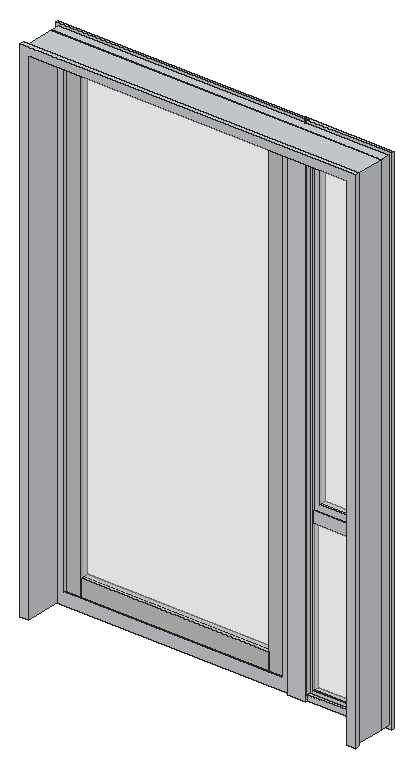
Revit family "APL Residential Thermal Heart Hinged Door with Sidelight", category Doors, host Wall, Revit 2017
Family settings
  Host = Wall
  OmniClass Number = 23.30.10.00
  OmniClass Title = Doors
  Always vertical = Yes
  Cut with Voids When Loaded = No
  Shared = No
  Room Calculation Point = No
Parameters (values of type "Architrave")
  sidelight [instance] = 408 mm
  Sidelight Length [instance] = sidelight - 7.5 mm  # 400.5 mm
  Rough Width = 1615 mm
  Rough Height = 2500 mm
  Reveal Liner = no
  Plan Swing = yes
  Panel [instance] = (Rough Width - sidelight) - 107.5 mm  # 1099.5 mm
  Liner Sill = no
  Liner Head = yes
  Liner End = 10 mm
  Liner = 51 mm
  Jamb Liner 2 = yes
  Jamb Liner 1 = yes
  Groove = 10 mm
  Function = Interior
  Frame Width Sill = 15 mm
  Frame Projection Ext. = 13 mm
  Frame Projection Int. = 20 mm
  Frame Width = 12.5 mm
  Height = Rough Height - 12.5 mm  # 2487.5 mm
  Wall Closure = By host
  Width = Rough Width - 15 mm  # 1600 mm
  Door Length [instance] = 607 mm
  Architrave = yes
  Analytic Construction = "<None>"
  90° Opening [instance] = no
  15° Opening [instance] = yes
Reference planes
  plane 1: y = 0
  plane 2 "Center (Left/Right)": x = -453.5
  plane 3 "Left": x = -1261
  plane 4 "Right": x = 354
  plane 5: z = 2500
  plane 6 "Exterior": y = 100
  plane 7 "Interior": y = -100
  plane 8: x = -54
Forms (mm)
  Extrusion 1, solid, visible <- "Architrave"
    sketch origin (-3050, -100, 0) x (1, 0, 0) y (0, 0, 1)
      loop
        line (1776.5, 0) -> (1789, 0) -> (1789, 2500) -> (3404, 2500) -> (3404, 0) -> (3416.5, 0) -> (3416.5, 2512.5) -> (1776.5, 2512.5) -> (1776.5, 0)
    from 0 to 20
  Extrusion 2, solid
    sketch origin (-47.659, 0, 0) x (1, 0, 0) y (0, 1, 0)
      loop
        line (-1166.295, 88.12) -> (-1077.035, 88.12) -> (-1077.035, 104.268) -> (-1091.228, 118.461) -> (-1166.295, 118.461) -> (-1166.295, 88.12)
    from 44.822 to 2452.956
  Extrusion 3, solid
    sketch origin (0, 0, 0) x (1, 0, 0) y (0, 1, 0)
      loop
        line (-1124.694, 102.961) -> (-1124.694, 78.752) -> (-203.833, 78.752) -> (-203.833, 102.961) -> (-1124.694, 102.961)
    from 141.653 to 2355.433
  Extrusion 4, solid
    sketch origin (-453.5, 0, 0) x (0, 1, 0) y (0, 0, 1)
      loop
        line (118.461, 2452.956) -> (88.461, 2452.956) -> (88.461, 2355.433) -> (103.451, 2355.433) -> (118.461, 2370.442) -> (118.461, 2452.956)
    from -685.387 to 263.86
  Extrusion 5, solid, visible <- "Architrave"
    sketch origin (0, -32.901, 0) x (1, 0, 0) y (0, 0, 1)
      loop
        line (354, 2500) -> (-1261, 2500) -> (-1261, 0) -> (-1232.924, 0) -> (-1232.924, 2471.924) -> (325.924, 2471.924) -> (325.924, 0) -> (354, 0) -> (354, 2500)
    from -87.788 to 87.099
  Sweep 6, solid, visible <- "Reveal Liner"
    path origin (0, -100, 0) x (1, 0, 0) y (0, 0, 1)
      loop
        line (-1261, 0) -> (-1261, 2500) -> (354, 2500) -> (354, 0)
    profile origin (-1261, -100, 1250) x (-1, 0, 0) y (0, -1, 0)
      loop
        line (-9.076, 20) -> (-28.076, 20) -> (-28.076, -154.887) -> (0, -154.887) -> (0, 0.131) -> (-14.642, 0.131) -> (-14.642, 10) -> (-9.076, 10) -> (-9.076, 20)
  Extrusion 7, solid
    sketch origin (0, 100, 0) x (1, 0, 0) y (0, 0, 1)
      loop
        line (354, 2500) -> (-1261, 2500) -> (-1261, 0) -> (354, 0) -> (354, 2500)
      loop
        line (346.5, 2489.799) -> (-1250.8, 2489.799) -> (-1250.8, 7.979) -> (346.5, 7.979) -> (346.5, 2489.799)
    from 0 to 45.113
  Sweep 8, solid
    path origin (0, 100, 0) x (1, 0, 0) y (0, 0, 1)
      loop
        line (-68, 2500) -> (-1261, 2500) -> (-1261, -2.222) -> (-68, -2.222) -> (-68, 2500)
    profile origin (-1261, 100, 1248.889) x (0, -1, 0) y (1, 0, 0)
      loop
        line (0, -13) -> (0, 10.201) -> (45.113, 10.201) -> (45.113, 60.001) -> (33.539, 60.001) -> (33.539, 47.044) -> (-18.461, 47.044) -> (-18.461, 41.5) -> (-20.5, 41.5) -> (-20.5, 5.968) -> (-12.064, -1.111) -> (-12.064, -13) -> (0, -13)
  Extrusion 9, solid
    sketch origin (-441.648, 0, 0) x (-1, 0, 0) y (0, -1, 0)
      loop
        line (-326.604, -88.461) -> (-326.604, -118.461) -> (-252.008, -118.461) -> (-237.815, -104.268) -> (-237.815, -88.461) -> (-326.604, -88.461)
    from 44.822 to 2452.956
  Extrusion 10, solid
    sketch origin (-448.506, 0, 0) x (1, 0, 0) y (0, 1, 0)
      loop
        line (244.672, 88.461) -> (244.672, 66.461) -> (333.461, 66.461) -> (333.461, 88.461) -> (244.672, 88.461)
    from 44.822 to 2452.956
  Extrusion 11, solid
    sketch origin (0, 0, 0) x (-1, 0, 0) y (0, -1, 0)
      loop
        line (1124.694, -88.12) -> (1213.955, -88.12) -> (1213.955, -66.461) -> (1124.694, -66.461) -> (1124.694, -88.12)
    from 44.822 to 2452.956
  Extrusion 12, solid
    sketch origin (-453.5, 0, -12.957) x (0, 1, 0) y (0, 0, 1)
      loop
        line (88.461, 2465.912) -> (66.461, 2465.912) -> (66.461, 2368.389) -> (88.461, 2368.389) -> (88.461, 2465.912)
    from -671.194 to 249.667
  Extrusion 13, solid
    sketch origin (-453.5, 0, 2312.086) x (0, 1, 0) y (0, 0, 1)
      loop
        line (118.461, -2267.263) -> (118.461, -2185.442) -> (103.451, -2170.433) -> (88.12, -2170.433) -> (88.12, -2267.263) -> (118.461, -2267.263)
    from -685.387 to 263.86
  Extrusion 14, solid
    sketch origin (0, 0, -0.55) x (0, 1, 0) y (0, 0, -1)
      loop
        line (88.12, -142.203) -> (88.12, -45.372) -> (66.461, -45.372) -> (66.461, -142.203) -> (88.12, -142.203)
    from 203.833 to 1124.694
  Extrusion 15, solid
    sketch origin (0, 0, 0) x (1, 0, 0) y (0, 1, 0)
      loop
        arc (-61.7, 113.904) -> (-62.62, 112.984) -> (-61.7, 112.064) r 0.92
        line (-61.7, 112.064) -> (-55.001, 112.064) -> (-55.001, 100) -> (-52.038, 100) -> (-52.038, 112.064) -> (-45.3, 112.064)
        arc (-45.3, 112.064) -> (-44.38, 112.984) -> (-45.3, 113.904) r 0.92
        line (-45.3, 113.904) -> (-61.7, 113.904)
    from -15.222 to 2513
  Extrusion 16, solid
    sketch origin (687.615, -8.448, 0) x (1, 0, 0) y (0, 1, 0)
      loop
        line (-683.44, 111.2) -> (-683.44, 87.2) -> (-376.828, 87.2) -> (-376.828, 111.2) -> (-683.44, 111.2)
    from 41.013 to 776.113
  Extrusion 17, solid
    sketch origin (1507.615, 0, 0) x (1, 0, 0) y (0, 1, 0)
      loop
        line (-1475.43, 111.2) -> (-1475.43, 87.2) -> (-1225.115, 87.2) -> (-1225.115, 111.2) -> (-1475.43, 111.2)
    from 863.298 to 2428.2
  Sweep 18, solid
    path origin (0, 100, 0) x (1, 0, 0) y (0, 0, 1)
      loop
        line (-40.215, 2500.6) -> (-40.215, 790.898) -> (354.9, 790.898) -> (354.9, 2500.6) -> (-40.215, 2500.6)
    profile origin (354.9, 100, 1645.749) x (0, -1, 0) y (1, 0, 0)
      loop
        line (-24.2, -18.807) -> (-24.2, -60.763) -> (-12.563, -72.4) -> (22.671, -72.4) -> (22.671, -24.668) -> (-18, -24.668) -> (-18, -18.807) -> (-24.2, -18.807)
  Sweep 19, solid
    path origin (0.768, 100, -45.297) x (1, 0, 0) y (0, 0, 1)
      loop
        line (310.019, 821.41) -> (3.407, 821.41) -> (3.407, 86.31) -> (310.019, 86.31) -> (310.019, 821.41)
    profile origin (157.481, 100, 41.013) x (0, 0, 1) y (0, -1, 0)
      loop
        line (0, 22.671) -> (-19.445, 22.671) -> (-19.445, -18) -> (-14.785, -18) -> (0, -3.215) -> (0, 22.671)
  Sweep 20, solid
    path origin (0, 100, 0) x (1, 0, 0) y (0, 0, 1)
      loop
        line (-39.038, 2500) -> (-39.038, -2.2) -> (354, -2.2) -> (354, 2500) -> (-39.038, 2500)
    profile origin (354, 100, 1248.9) x (0, -1, 0) y (1, 0, 0)
      loop
        line (0, -7.5) -> (0, 13) -> (-12, 13) -> (-12, -2.5) -> (-18, -8.5) -> (-18, -23.768) -> (22.671, -23.768) -> (22.671, -43.213) -> (28.024, -43.213) -> (28.024, -29.4) -> (45.113, -29.4) -> (45.113, -7.5) -> (0, -7.5)
  Extrusion 21, solid
    sketch origin (-453.5, 0, 0) x (0, 1, 0) y (0, 0, 1)
      loop
        line (71.976, 834.168) -> (71.976, 776.113) -> (77.329, 776.113) -> (77.329, 834.168) -> (71.976, 834.168)
    from 457.675 to 764.287
  Extrusion 22, solid
    sketch origin (-453.5, 0, 0) x (0, 1, 0) y (0, 0, 1)
      loop
        line (77.329, 815.567) -> (77.329, 795.558) -> (118, 795.558) -> (118, 815.567) -> (77.329, 815.567)
    from 438.23 to 783.732
  Extrusion 23, solid
    sketch origin (-1261, 100, 0) x (0, -1, 0) y (-1, 0, 0)
      loop
        line (0, -1182.799) -> (0, -1229.462) -> (45.113, -1229.462) -> (45.113, -1251.05) -> (54.096, -1251.05) -> (54.096, -1163.95) -> (45.113, -1163.95) -> (45.113, -1182.799) -> (0, -1182.799)
    from -2471.924 to 0
Cuts and joins
  joined: Extrusion 1, Extrusion 5
  joined: Extrusion 7, Sweep 8, Sweep 20
  joined: Extrusion 2, Extrusion 11
  joined: Extrusion 9, Extrusion 10
  joined: Extrusion 4, Extrusion 12
  joined: Extrusion 13, Extrusion 14
Lines and regions (mm)
  Opening 1
    outline origin (-3050, -100, 0) x (1, 0, 0) y (0, 0, 1)
      loop
        line (1789, 0) -> (3404, 0) -> (3404, 2500) -> (1789, 2500) -> (1789, 0)
  symbolic lines, style "Elevation Swing"
    curve 1: line (-115.044, -100, 1250) -> (-1213.956, -100, 2452.956)
    curve 2: line (-115.044, -100, 1250) -> (-1219.5, -100, 39.278)
  symbolic lines, style "Plan Swing", visible <- "90° Opening"
    curve 3: line (-115.044, 118.461, 0) -> (-115.044, 1217.961, 0)
    curve 4: arc (-1214.544, 118.461, 0) -> (-892.508, 895.924, 0) -> (-115.044, 1217.961, 0) r 1099.5
  symbolic lines, style "Plan Swing"
    curve 5: line (-115.044, 118.461, 0) -> (-1177.08, 403.032, 0)
    curve 6: arc (-1214.544, 118.461, 0) -> (-1205.138, 261.974, 0) -> (-1177.08, 403.032, 0) r 1099.5
Text (mm)
  text "Exterior" at (-2295.016, 1099.543, 0), in view "Ref. Level"
  text "Exterior" at (0, 1615.38, 3698.081), in view "Left"
  text "Exterior" at (0, 1036.032, 3874.932), in view "Right"
Dimensions and locks
  "Rough Width": plane 3 "Left" to plane 4 "Right"
  "Rough Height": plane 5 to host wall
  equal spacing: host wall, curve 2, plane 5
  host wall to plane 5 = 2500 mm
  "Frame Projection Int.": Extrusion 1 to Extrusion 1
  "Frame Width": plane 3 "Left" to Extrusion 1 sketch curve
  "Frame Width": plane 4 "Right" to Extrusion 1 sketch curve
  "Frame Width": Extrusion 1 sketch curve to plane 5
  locked: plane 6 "Exterior" to host wall at 0
  locked: plane 7 "Interior" to host wall
  locked: Extrusion 7 to plane 6 "Exterior" at 45.113
  Extrusion 4 to Extrusion 4 to Extrusion 4 to plane 5 = 15.009 mm locked, 82.513 mm locked, 47.044 mm locked
  locked: Extrusion 3 to plane 5 at 144.567
  Extrusion 13 to Extrusion 13 = 96.83 mm
  locked: cut or joined group of Extrusion 7, Sweep 8, Sweep 20 to plane 6 "Exterior" at 45.113
  locked: plane 3 "Left" to Sweep 6 at 28.076
  locked: Sweep 6 to plane 4 "Right" at 28.076
  locked: plane 5 to Extrusion 12 at 47.044
  locked: plane 5 to cut or joined group of Extrusion 2, Extrusion 11 at 47.044
  plane 5 to cut or joined group of Extrusion 9, Extrusion 10 = 47.044 mm
  "sidelight": plane 8 to plane 4 "Right"
  locked: Sweep 18 to plane 4 "Right" at 71.5
  locked: Sweep 19 to plane 4 "Right" at 43.213
  level to plane 5 = 2500 mm
  locked: Extrusion 17 to plane 5 at 71.8
  plane 5 to cut or joined group of Extrusion 1, Extrusion 5 = 28.076 mm
  locked: plane 8 to Extrusion 21 at 58.175
  locked: plane 4 "Right" to Extrusion 21 at 43.213
  locked: Extrusion 22 to plane 4 "Right" at 23.768
  locked: plane 8 to Extrusion 22 at 38.73
  locked: plane 5 to Extrusion 15 at 13
  locked: plane 5 to nested 1 at 7.332
  locked: plane 3 "Left" to cut or joined group of Extrusion 7, Sweep 8, Sweep 20 at 60.001
  equal spacing: plane 3 "Left", plane 2 "Center (Left/Right)", plane 4 "Right"
  plane 3 "Left" to cut or joined group of Extrusion 2, Extrusion 11 to cut or joined group of Extrusion 2, Extrusion 11 = 47.045 mm locked, 89.26 mm locked
  cut or joined group of Extrusion 9, Extrusion 10 to cut or joined group of Extrusion 9, Extrusion 10 to plane 8 = 88.789 mm locked, 61.044 mm locked
  plane 8 to Sweep 18 to Sweep 19 to Sweep 18 = 38.453 mm, 19.722 mm, 28.01 mm
  Sweep 18 to Sweep 19 to Sweep 18 to plane 4 "Right" = 28.287 mm locked, 19.445 mm locked, 23.768 mm locked
  locked: plane 3 "Left" to nested 2 at 7.5
  locked: nested 3 to plane 5 at 7.5
  locked: plane 5 to Extrusion 23 at 28.076
  Extrusion 23 to Extrusion 23 to plane 8 to Extrusion 23 to Extrusion 23 = 18.849 mm locked, 24.201 mm locked, 22.462 mm locked, 21.588 mm locked
  locked: plane 8 to Extrusion 13 at 135.64
  locked: plane 3 "Left" to Extrusion 13 at 122.113
  locked: plane 8 to Extrusion 4 at 135.64
  locked: plane 3 "Left" to Extrusion 4 at 122.113
  "Panel": radius of curve 4
  "Panel": radius of curve 6
  angle curve 3 to plane 6 "Exterior" = 90.00°
  locked: curve 5 to plane 6 "Exterior" (angle 15.00°)
  aligned and locked: plane 3 "Left" to Opening 1 sketch curve
  aligned and locked: plane 5 to Opening 1 sketch curve  (x2)
  aligned and locked: Opening 1 sketch curve to plane 4 "Right"
  aligned and locked: Opening 1 sketch curve to level
  aligned and locked: level to Extrusion 1 sketch curve
  aligned and locked: plane 5 to Extrusion 1 sketch curve  (x2)
  aligned and locked: Extrusion 1 sketch curve to plane 4 "Right"
  aligned and locked: plane 3 "Left" to Extrusion 1 sketch curve
  aligned and locked: plane 1 to host wall
  aligned and locked: Extrusion 1 to Extrusion 5
  aligned and locked: Extrusion 1 to level
  aligned and locked: plane 5 to Sweep 6 sketch curve
  aligned and locked: Sweep 6 sketch curve to plane 4 "Right"
  aligned and locked: Sweep 6 sketch curve to plane 3 "Left"
  aligned and locked: cut or joined group of Extrusion 1, Extrusion 5 to Sweep 6 sketch curve
  aligned and locked: Sweep 6 sketch curve to cut or joined group of Extrusion 1, Extrusion 5
  aligned and locked: Sweep 6 sketch curve to profile plane
  aligned and locked: Sweep 6 sketch curve to Extrusion 7
  aligned and locked: Extrusion 5 to cut or joined group of Extrusion 7, Sweep 8, Sweep 20
  aligned and locked: Extrusion 12 to Extrusion 3
  aligned and locked: Extrusion 3 to Extrusion 12
  aligned and locked: Extrusion 11 to Extrusion 2  (x2)
  aligned and locked: Extrusion 14 to Extrusion 3
  aligned and locked: Extrusion 3 to Extrusion 14
  aligned and locked: Extrusion 14 to cut or joined group of Extrusion 9, Extrusion 10
  aligned and locked: Extrusion 4 to Extrusion 13
  aligned and locked: Extrusion 2 to Extrusion 11  (x2)
  aligned and locked: Sweep 20 sketch curve to Sweep 18  (x2)
  aligned and locked: Extrusion 21 to Sweep 20 sketch curve
  aligned and locked: Extrusion 21 to Sweep 18
  aligned and locked: Extrusion 22 to Sweep 18  (x2)
  aligned and locked: Sweep 18 to Extrusion 22
  aligned and locked: Extrusion 22 to Sweep 19
  aligned and locked: Extrusion 9 to Extrusion 10  (x2)
  aligned and locked: Extrusion 2 to cut or joined group of Extrusion 7, Sweep 8, Sweep 20
  aligned and locked: Extrusion 4 to cut or joined group of Extrusion 7, Sweep 8, Sweep 20
  aligned and locked: Extrusion 9 to Extrusion 4
  aligned and locked: Extrusion 10 to Extrusion 4
  aligned and locked: Extrusion 5 to Sweep 6
  aligned and locked: Extrusion 7 to Sweep 8  (x2)
  aligned and locked: Extrusion 7 to host wall
  aligned and locked: Extrusion 7 to level
  aligned and locked: Extrusion 15 to Sweep 20
  aligned and locked: Extrusion 14 to cut or joined group of Extrusion 2, Extrusion 11
  aligned and locked: Extrusion 10 to Extrusion 9
  aligned and locked: Extrusion 9 to cut or joined group of Extrusion 7, Sweep 8, Sweep 20
  aligned and locked: cut or joined group of Extrusion 9, Extrusion 10 to curve 2
  aligned and locked: cut or joined group of Extrusion 7, Sweep 8, Sweep 20 to curve 5
  aligned and locked: cut or joined group of Extrusion 2, Extrusion 11 to curve 6
  aligned and locked: cut or joined group of Extrusion 9, Extrusion 10 to curve 5
Automatic sketch dimensions
  host wall to Extrusion 2 sketch curve = 18.461 mm
  Extrusion 2 sketch curve to Extrusion 2 sketch curve = 75.067 mm
  host wall to Extrusion 2 sketch curve = 4.268 mm
  Extrusion 2 sketch curve to Extrusion 2 sketch curve = 14.193 mm
  Extrusion 2 sketch curve to host wall = 11.88 mm
  Extrusion 3 sketch curve to host wall = 21.248 mm
  Extrusion 3 sketch curve to plane 2 "Center (Left/Right)" = 671.194 mm
  host wall to Extrusion 3 sketch curve = 2.961 mm
  Extrusion 4 sketch curve to host wall = 11.539 mm
  host wall to Extrusion 4 sketch curve = 3.451 mm
  host wall to Extrusion 4 sketch curve = 18.461 mm
  plane 5 to Extrusion 4 sketch curve = 144.567 mm
  Extrusion 4 sketch curve to Extrusion 4 sketch curve = 15.009 mm
  plane 5 to Extrusion 4 sketch curve = 47.044 mm
  plane 3 "Left" to Extrusion 5 sketch curve = 0 mm
  Extrusion 5 sketch curve to level = 0 mm  (x2)
  plane 4 "Right" to Extrusion 5 sketch curve = 0 mm
  Extrusion 5 sketch curve to plane 5 = 0 mm
  plane 4 "Right" to Extrusion 5 sketch curve = 28.076 mm
  plane 5 to Extrusion 5 sketch curve = 28.076 mm
  Sweep 6 sketch curve to level = 0 mm  (x2)
  profile plane to Sweep 6 sketch curve = 14.642 mm
  Sweep 6 sketch curve to Sweep 6 sketch curve = 5.565 mm
  plane 7 "Interior" to Sweep 6 sketch curve = 0.131 mm
  Sweep 6 sketch curve to Sweep 6 sketch curve = 10 mm
  plane 3 "Left" to Extrusion 7 sketch curve = 0 mm
  plane 4 "Right" to Extrusion 7 sketch curve = 0 mm
  Extrusion 7 sketch curve to level = 0 mm
  Extrusion 7 sketch curve to plane 5 = 0 mm
  Extrusion 7 sketch curve to plane 3 "Left" = 10.2 mm
  plane 4 "Right" to Extrusion 7 sketch curve = 7.5 mm
  level to Extrusion 7 sketch curve = 7.979 mm
  plane 5 to Extrusion 7 sketch curve = 10.201 mm
  plane 3 "Left" to Sweep 8 sketch curve = 0 mm
  Sweep 8 sketch curve to plane 5 = 0 mm
  Sweep 8 sketch curve to level = 2.222 mm
  plane 8 to Sweep 8 sketch curve = 14 mm
  plane 6 "Exterior" to Sweep 8 sketch curve = 0 mm
  profile plane to Sweep 8 sketch curve = 1.111 mm
  Sweep 8 sketch curve to plane 6 "Exterior" = 12.064 mm
  Sweep 8 sketch curve to plane 6 "Exterior" = 18.461 mm
  Sweep 8 sketch curve to Sweep 8 sketch curve = 2.039 mm
  plane 6 "Exterior" to Sweep 8 sketch curve = 33.539 mm
  Sweep 8 sketch curve to profile plane = 10.201 mm
  Sweep 8 sketch curve to Sweep 8 sketch curve = 11.574 mm
  profile plane to Sweep 8 sketch curve = 13 mm
  Sweep 8 sketch curve to profile plane = 5.968 mm
  Sweep 8 sketch curve to Sweep 8 sketch curve = 5.544 mm
  Sweep 8 sketch curve to Sweep 8 sketch curve = 12.957 mm
  Extrusion 9 sketch curve to host wall = 18.461 mm
  Extrusion 9 sketch curve to Extrusion 9 sketch curve = 74.596 mm
  Extrusion 9 sketch curve to host wall = 4.268 mm
  Extrusion 9 sketch curve to Extrusion 9 sketch curve = 14.193 mm
  host wall to Extrusion 9 sketch curve = 11.539 mm
  Extrusion 10 sketch curve to host wall = 11.539 mm
  Extrusion 10 sketch curve to Extrusion 10 sketch curve = 88.789 mm
  Extrusion 10 sketch curve to Extrusion 10 sketch curve = 22 mm
  host wall to Extrusion 11 sketch curve = 11.88 mm
  Extrusion 11 sketch curve to Extrusion 11 sketch curve = 89.26 mm
  Extrusion 11 sketch curve to Extrusion 11 sketch curve = 21.66 mm
  Extrusion 12 sketch curve to host wall = 33.539 mm
  Extrusion 12 sketch curve to host wall = 11.539 mm
  plane 5 to Extrusion 12 sketch curve = 144.567 mm
  plane 5 to Extrusion 12 sketch curve = 47.044 mm
  host wall to Extrusion 13 sketch curve = 11.88 mm
  Extrusion 13 sketch curve to host wall = 3.451 mm
  Extrusion 13 sketch curve to host wall = 18.461 mm
  Extrusion 13 sketch curve to level = 141.653 mm
  Extrusion 13 sketch curve to Extrusion 13 sketch curve = 15.009 mm
  Extrusion 13 sketch curve to level = 44.822 mm
  Extrusion 14 sketch curve to host wall = 33.539 mm
  Extrusion 14 sketch curve to host wall = 11.88 mm
  level to Extrusion 14 sketch curve = 141.653 mm
  level to Extrusion 14 sketch curve = 44.822 mm
  Extrusion 15 sketch curve to host wall = 0 mm
  plane 8 to Extrusion 15 sketch curve = 7.7 mm
  plane 8 to Extrusion 15 sketch curve = 1.001 mm
  Extrusion 15 sketch curve to plane 8 = 1.962 mm
  Extrusion 15 sketch curve to Extrusion 15 sketch curve = 6.738 mm
  host wall to Extrusion 15 sketch curve = 12.064 mm
  Extrusion 15 sketch curve to Extrusion 15 sketch curve = 0 mm
  Extrusion 15 sketch curve to Extrusion 15 sketch curve = 0.92 mm
  Extrusion 16 sketch curve to host wall = 21.248 mm
  Extrusion 16 sketch curve to plane 8 = 58.175 mm
  plane 4 "Right" to Extrusion 16 sketch curve = 43.213 mm
  host wall to Extrusion 16 sketch curve = 2.752 mm
  Extrusion 17 sketch curve to host wall = 12.8 mm
  Extrusion 17 sketch curve to plane 8 = 86.185 mm
  plane 4 "Right" to Extrusion 17 sketch curve = 71.5 mm
  host wall to Extrusion 17 sketch curve = 11.2 mm
  Sweep 18 sketch curve to plane 8 = 13.785 mm
  Sweep 18 sketch curve to plane 4 "Right" = 0.9 mm
  level to Sweep 18 sketch curve = 790.898 mm
  Sweep 18 sketch curve to plane 5 = 0.6 mm
  Sweep 18 sketch curve to plane 6 "Exterior" = 24.2 mm
  Sweep 18 sketch curve to Sweep 18 sketch curve = 6.2 mm
  Sweep 18 sketch curve to plane 6 "Exterior" = 12.563 mm
  plane 6 "Exterior" to Sweep 18 sketch curve = 22.671 mm
  profile plane to Sweep 18 sketch curve = 72.4 mm
  Sweep 18 sketch curve to Sweep 18 sketch curve = 11.637 mm
  profile plane to Sweep 18 sketch curve = 24.668 mm
  Sweep 18 sketch curve to Sweep 18 sketch curve = 5.861 mm
  profile plane to Sweep 19 sketch curve = 0 mm
  profile plane to Sweep 19 sketch curve = 14.785 mm
  Sweep 19 sketch curve to Sweep 19 sketch curve = 4.66 mm
  Sweep 19 sketch curve to plane 6 "Exterior" = 18 mm
  Sweep 19 sketch curve to plane 6 "Exterior" = 3.215 mm
  plane 6 "Exterior" to Sweep 19 sketch curve = 22.671 mm
  Sweep 20 sketch curve to plane 5 = 0 mm
  plane 4 "Right" to Sweep 20 sketch curve = 0 mm
  Sweep 20 sketch curve to plane 8 = 14.962 mm
  Sweep 20 sketch curve to level = 2.2 mm
  plane 6 "Exterior" to Sweep 20 sketch curve = 0 mm
  profile plane to Sweep 20 sketch curve = 2.5 mm
  Sweep 20 sketch curve to plane 6 "Exterior" = 12 mm
  profile plane to Sweep 20 sketch curve = 8.5 mm
  Sweep 20 sketch curve to Sweep 20 sketch curve = 6 mm
  profile plane to Sweep 20 sketch curve = 7.5 mm
  Sweep 20 sketch curve to Sweep 20 sketch curve = 22.442 mm
  Sweep 20 sketch curve to Sweep 20 sketch curve = 21.9 mm
  Sweep 20 sketch curve to Sweep 20 sketch curve = 13.813 mm
  Sweep 20 sketch curve to profile plane = 13 mm
  Extrusion 21 sketch curve to host wall = 28.024 mm
  Extrusion 21 sketch curve to Extrusion 21 sketch curve = 5.353 mm
  level to Extrusion 21 sketch curve = 776.113 mm
  Extrusion 21 sketch curve to Extrusion 21 sketch curve = 58.055 mm
  Extrusion 22 sketch curve to host wall = 22.671 mm
  host wall to Extrusion 22 sketch curve = 18 mm
  level to Extrusion 22 sketch curve = 795.558 mm
  Extrusion 22 sketch curve to Extrusion 22 sketch curve = 20.009 mm
  plane 5 to curve 1 = 47.044 mm
  level to curve 2 = 39.278 mm
  curve 1 to plane 3 "Left" = 47.044 mm
  curve 2 to plane 3 "Left" = 41.5 mm
  Extrusion 2 sketch curve to plane 3 "Left" = 47.045 mm
  Extrusion 5 sketch curve to plane 3 "Left" = 28.076 mm
  Sweep 8 sketch curve to Sweep 8 sketch curve = 35.532 mm
  plane 3 "Left" to Extrusion 11 sketch curve = 136.306 mm
  plane 8 to Extrusion 3 sketch curve = 149.833 mm
  Extrusion 9 sketch curve to plane 8 = 61.044 mm
  plane 8 to Extrusion 10 sketch curve = 149.833 mm
  Extrusion 23 sketch curve to Extrusion 7 = 0 mm
  Extrusion 7 to Extrusion 23 sketch curve = 0 mm  (x2)
  Extrusion 23 sketch curve to Extrusion 23 sketch curve = 8.983 mm
  Extrusion 7 to Extrusion 23 sketch curve = 451.05 mm
  Extrusion 23 sketch curve to Extrusion 23 sketch curve = 18.849 mm
  Extrusion 23 sketch curve to Extrusion 23 sketch curve = 46.663 mm
  Extrusion 23 sketch curve to Extrusion 23 sketch curve = 21.588 mm
  Sweep 19 sketch curve to plane 8 = 58.175 mm
  plane 4 "Right" to Sweep 19 sketch curve = 43.213 mm
  level to Sweep 19 sketch curve = 41.013 mm
  Sweep 19 sketch curve to Sweep 19 sketch curve = 735.1 mm
  curve 4 to curve 6 = 0 mm  (x2)
  Extrusion 1 sketch curve to level = 0 mm
Nested families
  nested 1: "APL Residential Thermal Heart Sidelight Vertical Section" at (367, -217.979, 173.856) x (0, -1, 0) z (1, 0, 0), Box Width <- "Height", type "Groove"
    with Liner End 10 mm, Liner 100 mm, Groove 10 mm, Glazing Bead Lenght 761 mm, Glass Length 1590.5 mm, Fixed 800 mm, Box Width 2487.5 mm, Awning 1687.5 mm
  nested 2: "APL Residential Thermal Heart Hinged Door with Sidelight Open Out Horizontal Section" at (354.614, 119.873, -15.222), Box Width <- "Width", Sidelight Length <- "Sidelight Length", Groove <- "Groove", Liner <- "Liner", Liner End <- "Liner End", type "Groove"
    with Sidelight Length 400.5 mm, Liner End 10 mm, Liner 51 mm, Groove 10 mm, Glass Length 1 944.5 mm, Glass Length 277.5 mm, Box Width 1600 mm, 90 yes, 45 yes
  nested 3: "APL Residential Thermal Heart Hinged Door with Sidelight Vertical Section" at (-55.001, -244.196, 2377.026) x (0, -1, 0) z (1, 0, 0), Box Height <- "Height", type "Groove"
    with Liner End 10 mm, Liner 100 mm, Groove 10 mm, Glass Length 2237.5 mm, Box Height 2487.5 mm
Definition of nested family "APL Residential Thermal Heart Sidelight Vertical Section"
  Parameters (values of type "Groove")
    Liner End [instance] = 10 mm
    Liner Block = Liner : Liner
    Liner [instance] = 100 mm
    Groove [instance] = 10 mm
    Glazing Bead Lenght [instance] = Fixed - 39 mm  # 761 mm
    Glass Length [instance] = Awning - 97 mm  # 1103 mm
    Fixed [instance] = 800 mm
    Box Width [instance] = 2000 mm
    Awning [instance] = Box Width - 800 mm  # 1200 mm
  Types (2, lengths in mm): name | Liner Block
    Groove | Liner : Liner
    No Groove | Liner No Groove : Liner No Groove
  Reference planes
    plane 1: z = 0
    plane 2: x = -342.155
    plane 3: y = 631.312
    plane 4: y = -168.688
    plane 5: y = 1831.312
    plane 6: x = -288.955
    plane 7: x = -288.979
    plane 8: y = -176.722
    plane 9: x = -317.979
  Dimensions and locks
    "Box Width": plane 4 to plane 5
    locked: nested 2 to nested 3 at 14.396
    locked: nested 5 to nested 3 at 6.5
    locked: nested 5 to plane 5 at 51.5
    nested 8 to nested 4 = 6 mm
    locked: plane 3 to nested 4 at 45
    locked: nested 6 to nested 7 at 6.327
    locked: plane 4 to nested 7 at 22.327
    locked: nested 9 to nested 8 at 6.325
    locked: nested 9 to plane 3 at 16.325
    nested 8 to nested 8 to nested 8 = 29 mm locked, 29 mm locked
    locked: nested 1 to nested 6 at 14.396
    "Liner": nested 2 to plane 6
    "Liner": plane 7 to nested 1
    locked: nested 6 to plane 9 at 5
    locked: plane 4 to plane 8 at 8.034
    "Awning": plane 3 to plane 5
    "Fixed": plane 3 to plane 4
    aligned and locked: plane 5 to nested 3
    aligned and locked: plane 6 to nested 2
    aligned and locked: plane 7 to nested 1
  Nested families
    nested 1: "Liner" at (-288.979, -148.085, 0), type <- "Liner Block", type "Liner", in view "Left", detail levels medium
      with built-in parameter 1001306 0.32808 (stored number, unit not read)
    nested 2: "Liner" at (-288.955, 1810.708, 0), type <- "Liner Block", type "Liner", in view "Left", detail levels medium
      with built-in parameter 1001306 0.32808 (stored number, unit not read)
    nested 3: "Frame Sash" at (-330.155, 1779.812, 0), type "Frame Sash", in view "Left", detail levels medium
    nested 4: "Glass" at (-329.155, 676.312, 0), Glass Lenght <- "Glass Length", type "Glass", in view "Left", detail levels medium
      with Glass Lenght 1103 mm
    nested 5: "Glass" at (-329.155, 1779.812, 0), Glass Lenght <- "Glass Length", type "Glass", in view "Left", detail levels medium
      with Glass Lenght 1103 mm
    nested 6: "65000_Frame" at (-295.679, -152.688, 0), type "65000_Frame", in view "Left", detail levels medium
    nested 7: "Glazing Bead" at (-320.479, -146.361, 0), Glass Lenght <- "Glazing Bead Lenght", type "Glazing Bead", in view "Left", detail levels medium
      with Glass Lenght 761 mm
    nested 8: "Sash Mullion-Transom" at (-295.655, 631.312, 0), type "Sash Mullion-Transom", in view "Left", detail levels medium
    nested 9: "Glazing Bead" at (-320.479, 614.986, 0), Glass Lenght <- "Glazing Bead Lenght", type "Glazing Bead", in view "Left", detail levels medium
      with Glass Lenght 761 mm
  Definition of nested family "Liner"
    Parameters (values of type "Liner")
      Type Image = (empty or 0)
      built-in parameter 1001306 [instance] = 100 mm
      Groove [instance] = 10 mm
      End Liner [instance] = 10 mm
    Reference planes
      plane 1 "Center (Front/Back)": y = 0
      plane 2: z = 0
      plane 3 "Left": x = 0
      plane 4 "Right": x = 100
    Lines and regions (mm)
      Filled region 1, type "Brick", in view "Ref. Level"
        outline origin (0, 0, 0) x (1, 0, 0) y (0, 1, 0)
          loop
            line (0, 0) -> (120, 0) -> (120, 19) -> (110, 19) -> (110, 13.435) -> (100, 13.435) -> (100, 19) -> (0, 19) -> (0, 0)
      reference lines, in view "Ref. Level"
        curve 1: line (0, 0, 0) -> (100, 0, 0)
      detail lines, in view "Ref. Level", detail levels fine
        curve 2: line (100, 0, 0) -> (0, 0, 0)
    Dimensions and locks
      "built-in parameter 1001306": plane 3 "Left" to plane 4 "Right"
      locked: Filled region 1 to curve 2 at 19
      "Groove": plane 4 "Right" to Filled region 1
      "End Liner": Filled region 1 to Filled region 1
      aligned and locked: plane 1 "Center (Front/Back)" to curve 1
      aligned and locked: plane 3 "Left" to curve 1
      aligned and locked: plane 4 "Right" to curve 1
      aligned and locked: curve 1 to Filled region 1
      aligned and locked: plane 1 "Center (Front/Back)" to Filled region 1
      aligned and locked: Filled region 1 to plane 3 "Left"
    Automatic sketch dimensions
      curve 2 to plane 4 "Right" = 0 mm
      Filled region 1 sketch curve to plane 3 "Left" = 0 mm
      Filled region 1 sketch curve to plane 4 "Right" = 0 mm
      Filled region 1 sketch curve to Filled region 1 sketch curve = 10 mm  (x2)
      Filled region 1 sketch curve to plane 1 "Center (Front/Back)" = 0 mm
      Filled region 1 sketch curve to plane 1 "Center (Front/Back)" = 13.435 mm
      Filled region 1 sketch curve to Filled region 1 sketch curve = 5.565 mm  (x2)
      curve 2 to plane 3 "Left" = 0 mm
  Definition of nested family "Frame Sash"
    Reference planes
      plane 1 "Center (Front/Back)": y = 0
      plane 2: z = 0
      plane 3 "Center (Left/Right)": x = 0
    Dimensions and locks
      locked: nested 2 to nested 1 at 13
    Nested families
      nested 1: "65000_Frame" at (34.5, 35.5, 0), type "65000_Frame", in view "Ref. Level"
      nested 2: "65720_Sash" at (-6.3, 14.5, 0), type "65720_Sash", in view "Ref. Level"
    Definition of nested family "65000_Frame"
      Reference planes
        plane 1 "Center (Front/Back)": y = 0
        plane 2: z = 0
        plane 3 "Center (Left/Right)": x = 0
      Lines and regions (mm)
        detail lines, in view "Ref. Level"
          curve 1: arc (-24.395, 2.078, 0) -> (-24.335, 1.992, 0) -> (-24.308, 1.892, 0) r 0.3
          curve 2: arc (-24.101, -0.474, 0) -> (-24.217, -0.738, 0) -> (-24.503, -0.782, 0) r 0.3
          curve 3: arc (-25.913, -0.268, 0) -> (-26.039, -0.181, 0) -> (-26.105, -0.043, 0) r 0.3
          curve 4: arc (-26.105, -0.043, 0) -> (-26.378, 0.199, 0) -> (-26.683, 0, 0) r 0.3
          curve 5: arc (-30.8, 0, 0) -> (-30.941, 0.059, 0) -> (-31, 0.2, 0) r 0.2
          curve 6: arc (-31, 0.5, 0) -> (-30.92, 0.8, 0) -> (-30.7, 1.02, 0) r 0.6
          curve 7: arc (-29.6, 1.655, 0) -> (-29.527, 1.728, 0) -> (-29.5, 1.828, 0) r 0.2
          curve 8: arc (-29.5, 18.699, 0) -> (-29.792, 19.407, 0) -> (-30.5, 19.7, 0) r 1
          curve 9: arc (-32.564, 19.7, 0) -> (-32.756, 19.662, 0) -> (-32.918, 19.554, 0) r 0.5
          curve 10: arc (-38.263, 14.209, 0) -> (-38.473, 13.9, 0) -> (-38.555, 13.537, 0) r 1
          curve 11: arc (-38.978, 1.065, 0) -> (-38.943, 0.948, 0) -> (-38.847, 0.873, 0) r 0.2
          curve 12: arc (-38.847, 0.873, 0) -> (-38.679, 0.766, 0) -> (-38.575, 0.597, 0) r 0.45
          curve 13: arc (-38.575, 0.597, 0) -> (-38.571, 0.478, 0) -> (-38.635, 0.379, 0) r 0.2
          curve 14: arc (-40.1, 0, 0) -> (-40.241, 0.059, 0) -> (-40.3, 0.2, 0) r 0.2
          curve 15: arc (-40.3, 13.757, 0) -> (-40.072, 14.905, 0) -> (-39.421, 15.879, 0) r 3
          curve 16: arc (-35.179, 20.121, 0) -> (-34.528, 21.095, 0) -> (-34.3, 22.243, 0) r 3
          curve 17: arc (-34.3, 35, 0) -> (-34.007, 35.707, 0) -> (-33.3, 36, 0) r 1
          curve 18: arc (-27.508, 36, 0) -> (-27.361, 35.944, 0) -> (-27.3, 35.8, 0) r 0.2
          curve 19: arc (-27.3, 35, 0) -> (-27.359, 34.859, 0) -> (-27.5, 34.8, 0) r 0.2
          curve 20: arc (-27.795, 34.8, 0) -> (-28.23, 34.547, 0) -> (-28.224, 34.044, 0) r 0.5
          curve 21: arc (-28.224, 34.044, 0) -> (-27.807, 32.297, 0) -> (-28.463, 30.624, 0) r 3
          curve 22: arc (-28.463, 30.624, 0) -> (-29.5, 30.512, 0) -> (-29.612, 31.549, 0) r 0.737
          curve 23: arc (-29.612, 31.549, 0) -> (-29.275, 32.505, 0) -> (-29.612, 33.461, 0) r 1.525
          curve 24: arc (-29.612, 33.461, 0) -> (-29.706, 33.612, 0) -> (-29.761, 33.78, 0) r 0.737
          curve 25: arc (-29.761, 33.78, 0) -> (-29.858, 33.992, 0) -> (-30.04, 34.137, 0) r 0.5
          curve 26: arc (-30.04, 34.137, 0) -> (-30.8, 34.305, 0) -> (-31.56, 34.136, 0) r 1.8
          curve 27: arc (-31.56, 34.136, 0) -> (-31.742, 33.992, 0) -> (-31.839, 33.781, 0) r 0.5
          curve 28: arc (-31.839, 33.781, 0) -> (-31.894, 33.613, 0) -> (-31.987, 33.462, 0) r 0.75
          curve 29: arc (-31.987, 33.462, 0) -> (-32.325, 32.505, 0) -> (-31.987, 31.548, 0) r 1.525
          curve 30: arc (-31.987, 31.548, 0) -> (-31.943, 30.677, 0) -> (-32.752, 30.353, 0) r 0.75
          curve 31: arc (-32.752, 30.353, 0) -> (-32.923, 30.316, 0) -> (-33, 30.159, 0) r 0.2
          curve 32: arc (-33, 22.7, 0) -> (-32.853, 22.346, 0) -> (-32.5, 22.2, 0) r 0.5
          curve 33: arc (-30.5, 22.2, 0) -> (-28.025, 21.175, 0) -> (-27, 18.7, 0) r 3.5
          curve 34: arc (-27, 16.2, 0) -> (-26.941, 16.059, 0) -> (-26.8, 16, 0) r 0.2
          curve 35: arc (-26.683, 16, 0) -> (-26.378, 15.801, 0) -> (-26.105, 16.043, 0) r 0.3
          curve 36: arc (-26.105, 16.043, 0) -> (-26.039, 16.181, 0) -> (-25.913, 16.268, 0) r 0.3
          curve 37: arc (-24.503, 16.782, 0) -> (-24.217, 16.738, 0) -> (-24.101, 16.474, 0) r 0.3
          curve 38: arc (-24.308, 14.108, 0) -> (-24.335, 14.008, 0) -> (-24.395, 13.922, 0) r 0.3
          curve 39: arc (-24.759, 13.559, 0) -> (-24.952, 13.507, 0) -> (-25.093, 13.648, 0) r 0.2
          curve 40: arc (-25.138, 13.816, 0) -> (-25.19, 13.905, 0) -> (-25.279, 13.957, 0) r 0.2
          curve 41: arc (-27.5, 14.5, 0) -> (-27.78, 14.307, 0) -> (-27.7, 13.976, 0) r 0.3
          curve 42: arc (-27.7, 13.976, 0) -> (-27.626, 13.875, 0) -> (-27.6, 13.753, 0) r 0.3
          curve 43: arc (-27.794, 9.75, 0) -> (-27.758, 9.578, 0) -> (-27.6, 9.5, 0) r 0.2
          curve 44: arc (-27.079, 9.5, 0) -> (-26.998, 9.511, 0) -> (-26.923, 9.544, 0) r 0.3
          curve 45: arc (-25.669, 10.309, 0) -> (-25.672, 10.479, 0) -> (-25.566, 10.611, 0) r 0.25
          curve 46: arc (-25.48, 10.663, 0) -> (-25.228, 10.668, 0) -> (-25.1, 10.45, 0) r 0.25
          curve 47: arc (-25.1, 8.875, 0) -> (-25.182, 8.478, 0) -> (-25.415, 8.146, 0) r 1
          curve 48: arc (-25.415, 8.146, 0) -> (-25.478, 8, 0) -> (-25.415, 7.854, 0) r 0.2
          curve 49: arc (-25.415, 7.854, 0) -> (-25.182, 7.523, 0) -> (-25.1, 7.126, 0) r 1
          curve 50: arc (-25.1, 5.55, 0) -> (-25.227, 5.332, 0) -> (-25.48, 5.337, 0) r 0.25
          curve 51: arc (-25.566, 5.389, 0) -> (-25.672, 5.521, 0) -> (-25.669, 5.691, 0) r 0.25
          curve 52: arc (-26.923, 6.456, 0) -> (-26.998, 6.489, 0) -> (-27.079, 6.5, 0) r 0.3
          curve 53: arc (-27.6, 6.5, 0) -> (-27.758, 6.422, 0) -> (-27.794, 6.25, 0) r 0.2
          curve 54: arc (-27.6, 2.247, 0) -> (-27.626, 2.125, 0) -> (-27.7, 2.024, 0) r 0.3
          curve 55: arc (-27.7, 2.024, 0) -> (-27.78, 1.693, 0) -> (-27.5, 1.5, 0) r 0.3
          curve 56: arc (-25.279, 2.043, 0) -> (-25.19, 2.095, 0) -> (-25.138, 2.184, 0) r 0.2
          curve 57: arc (-25.093, 2.352, 0) -> (-24.952, 2.493, 0) -> (-24.759, 2.441, 0) r 0.2
          curve 58: line (-24.308, 1.892, 0) -> (-24.101, -0.474, 0)
          curve 59: line (-24.503, -0.782, 0) -> (-25.913, -0.268, 0)
          curve 60: line (-26.683, 0, 0) -> (-30.8, 0, 0)
          curve 61: line (-31, 0.2, 0) -> (-31, 0.5, 0)
          curve 62: line (-30.7, 1.02, 0) -> (-29.6, 1.655, 0)
          curve 63: line (-29.5, 1.828, 0) -> (-29.5, 18.699, 0)
          curve 64: line (-30.5, 19.7, 0) -> (-32.564, 19.7, 0)
          curve 65: line (-32.918, 19.554, 0) -> (-38.263, 14.209, 0)
          curve 66: line (-38.555, 13.537, 0) -> (-38.958, 2, 0)
          curve 67: line (-38.958, 2, 0) -> (-38.978, 1.065, 0)
          curve 68: line (-38.635, 0.379, 0) -> (-39.031, 0.047, 0)
          curve 69: line (-39.031, 0.047, 0) -> (-40.1, 0, 0)
          curve 70: line (-40.3, 0.2, 0) -> (-40.3, 13.757, 0)
          curve 71: line (-39.421, 15.879, 0) -> (-35.179, 20.121, 0)
          curve 72: line (-34.3, 22.243, 0) -> (-34.3, 35, 0)
          curve 73: line (-33.3, 36, 0) -> (-27.508, 36, 0)
          curve 74: line (-27.3, 35.8, 0) -> (-27.3, 35, 0)
          curve 75: line (-27.5, 34.8, 0) -> (-27.795, 34.8, 0)
          curve 76: line (-33, 30.159, 0) -> (-33, 22.7, 0)
          curve 77: line (-32.5, 22.2, 0) -> (-30.5, 22.2, 0)
          curve 78: line (-27, 18.7, 0) -> (-27, 16.2, 0)
          curve 79: line (-25.913, 16.268, 0) -> (-24.503, 16.782, 0)
          curve 80: line (-24.101, 16.474, 0) -> (-24.308, 14.108, 0)
          curve 81: line (-24.395, 13.922, 0) -> (-24.759, 13.559, 0)
          curve 82: line (-25.093, 13.648, 0) -> (-25.138, 13.816, 0)
          curve 83: line (-25.138, 13.816, 0) -> (-27.268, 14.49, 0)
          curve 84: line (-27.268, 14.49, 0) -> (-27.5, 14.5, 0)
          curve 85: line (-27.6, 13.753, 0) -> (-27.6, 10.525, 0)
          curve 86: line (-27.6, 10.525, 0) -> (-27.794, 9.75, 0)
          curve 87: line (-27.6, 9.5, 0) -> (-27.079, 9.5, 0)
          curve 88: line (-27.079, 9.5, 0) -> (-25.669, 10.309, 0)
          curve 89: line (-25.1, 10.45, 0) -> (-25.1, 8.875, 0)
          curve 90: line (-25.1, 7.126, 0) -> (-25.1, 5.55, 0)
          curve 91: line (-25.669, 5.691, 0) -> (-26.923, 6.456, 0)
          curve 92: line (-26.923, 6.456, 0) -> (-27.6, 6.5, 0)
          curve 93: line (-27.794, 6.25, 0) -> (-27.606, 5.525, 0)
          curve 94: line (-27.606, 5.525, 0) -> (-27.6, 2.247, 0)
          curve 95: line (-27.346, 1.5, 0) -> (-25.279, 2.043, 0)
          curve 96: line (-25.279, 2.043, 0) -> (-25.093, 2.352, 0)
          curve 97: line (-24.759, 2.441, 0) -> (-24.395, 2.078, 0)
          curve 98: arc (-27.6, 5.6, 0) -> (-27.483, 5.883, 0) -> (-27.2, 6, 0) r 0.4
          curve 99: arc (-26.907, 6, 0) -> (-26.804, 5.986, 0) -> (-26.707, 5.946, 0) r 0.4
          curve 100: arc (-25.179, 5.061, 0) -> (-24.889, 4.941, 0) -> (-24.578, 4.9, 0) r 1.2
          curve 101: arc (-23.655, 4.9, 0) -> (-23.082, 4.719, 0) -> (-22.716, 4.242, 0) r 1
          curve 102: arc (-21.923, 2.063, 0) -> (-21.776, 1.872, 0) -> (-21.547, 1.8, 0) r 0.4
          curve 103: arc (-18.853, 1.8, 0) -> (-18.624, 1.872, 0) -> (-18.477, 2.063, 0) r 0.4
          curve 104: arc (-17.684, 4.242, 0) -> (-17.318, 4.719, 0) -> (-16.745, 4.9, 0) r 1
          curve 105: arc (-15.822, 4.9, 0) -> (-15.511, 4.941, 0) -> (-15.221, 5.061, 0) r 1.2
          curve 106: arc (-13.693, 5.946, 0) -> (-13.596, 5.986, 0) -> (-13.493, 6, 0) r 0.4
          curve 107: arc (-13.2, 6, 0) -> (-12.917, 5.883, 0) -> (-12.8, 5.6, 0) r 0.4
          curve 108: arc (-12.8, 2.2, 0) -> (-12.917, 1.917, 0) -> (-13.2, 1.8, 0) r 0.4
          curve 109: arc (-13.493, 1.8, 0) -> (-13.596, 1.814, 0) -> (-13.693, 1.854, 0) r 0.4
          curve 110: arc (-15.221, 2.739, 0) -> (-15.515, 2.86, 0) -> (-15.83, 2.9, 0) r 1.2
          curve 111: arc (-15.83, 2.9, 0) -> (-16.005, 2.847, 0) -> (-16.116, 2.703, 0) r 0.3
          curve 112: arc (-17.004, 0.263, 0) -> (-17.151, 0.072, 0) -> (-17.38, 0, 0) r 0.4
          curve 113: arc (-23.02, 0, 0) -> (-23.249, 0.072, 0) -> (-23.396, 0.263, 0) r 0.4
          curve 114: arc (-24.284, 2.703, 0) -> (-24.395, 2.847, 0) -> (-24.57, 2.9, 0) r 0.3
          curve 115: arc (-24.57, 2.9, 0) -> (-24.885, 2.86, 0) -> (-25.179, 2.739, 0) r 1.2
          curve 116: arc (-26.707, 1.854, 0) -> (-26.804, 1.814, 0) -> (-26.907, 1.8, 0) r 0.4
          curve 117: arc (-27.2, 1.8, 0) -> (-27.483, 1.917, 0) -> (-27.6, 2.2, 0) r 0.4
          curve 118: line (-27.2, 6, 0) -> (-26.907, 6, 0)
          curve 119: line (-26.707, 5.946, 0) -> (-25.179, 5.061, 0)
          curve 120: line (-24.578, 4.9, 0) -> (-23.655, 4.9, 0)
          curve 121: line (-22.716, 4.242, 0) -> (-21.923, 2.063, 0)
          curve 122: line (-21.547, 1.8, 0) -> (-18.853, 1.8, 0)
          curve 123: line (-18.477, 2.063, 0) -> (-17.684, 4.242, 0)
          curve 124: line (-16.745, 4.9, 0) -> (-15.822, 4.9, 0)
          curve 125: line (-15.221, 5.061, 0) -> (-13.693, 5.946, 0)
          curve 126: line (-13.493, 6, 0) -> (-13.2, 6, 0)
          curve 127: line (-12.8, 5.6, 0) -> (-12.8, 2.2, 0)
          curve 128: line (-13.2, 1.8, 0) -> (-13.493, 1.8, 0)
          curve 129: line (-13.693, 1.854, 0) -> (-15.221, 2.739, 0)
          curve 130: line (-16.116, 2.703, 0) -> (-17.004, 0.263, 0)
          curve 131: line (-17.38, 0, 0) -> (-23.02, 0, 0)
          curve 132: line (-23.396, 0.263, 0) -> (-24.284, 2.703, 0)
          curve 133: line (-25.179, 2.739, 0) -> (-26.707, 1.854, 0)
          curve 134: line (-26.907, 1.8, 0) -> (-27.2, 1.8, 0)
          curve 135: line (-27.6, 2.2, 0) -> (-27.6, 5.6, 0)
          curve 136: arc (-27.6, 10.4, 0) -> (-27.483, 10.117, 0) -> (-27.2, 10, 0) r 0.4
          curve 137: arc (-26.907, 10, 0) -> (-26.804, 10.014, 0) -> (-26.707, 10.054, 0) r 0.4
          curve 138: arc (-25.179, 10.939, 0) -> (-24.889, 11.059, 0) -> (-24.578, 11.1, 0) r 1.2
          curve 139: arc (-23.655, 11.1, 0) -> (-23.082, 11.281, 0) -> (-22.716, 11.758, 0) r 1
          curve 140: arc (-21.923, 13.937, 0) -> (-21.776, 14.128, 0) -> (-21.547, 14.2, 0) r 0.4
          curve 141: arc (-18.853, 14.2, 0) -> (-18.624, 14.128, 0) -> (-18.477, 13.937, 0) r 0.4
          curve 142: arc (-17.684, 11.758, 0) -> (-17.318, 11.281, 0) -> (-16.745, 11.1, 0) r 1
          curve 143: arc (-15.822, 11.1, 0) -> (-15.511, 11.059, 0) -> (-15.221, 10.939, 0) r 1.2
          curve 144: arc (-13.693, 10.054, 0) -> (-13.596, 10.014, 0) -> (-13.493, 10, 0) r 0.4
          curve 145: arc (-13.2, 10, 0) -> (-12.917, 10.117, 0) -> (-12.8, 10.4, 0) r 0.4
          curve 146: arc (-12.8, 13.8, 0) -> (-12.917, 14.083, 0) -> (-13.2, 14.2, 0) r 0.4
          curve 147: arc (-13.493, 14.2, 0) -> (-13.596, 14.186, 0) -> (-13.693, 14.146, 0) r 0.4
          curve 148: arc (-15.221, 13.261, 0) -> (-15.515, 13.14, 0) -> (-15.83, 13.1, 0) r 1.2
          curve 149: arc (-15.83, 13.1, 0) -> (-16.005, 13.153, 0) -> (-16.116, 13.297, 0) r 0.3
          curve 150: arc (-17.004, 15.737, 0) -> (-17.151, 15.928, 0) -> (-17.38, 16, 0) r 0.4
          curve 151: arc (-23.02, 16, 0) -> (-23.249, 15.928, 0) -> (-23.396, 15.737, 0) r 0.4
          curve 152: arc (-24.284, 13.297, 0) -> (-24.395, 13.153, 0) -> (-24.57, 13.1, 0) r 0.3
          curve 153: arc (-24.57, 13.1, 0) -> (-24.885, 13.14, 0) -> (-25.179, 13.261, 0) r 1.2
          curve 154: arc (-26.707, 14.146, 0) -> (-26.804, 14.186, 0) -> (-26.907, 14.2, 0) r 0.4
          curve 155: arc (-27.2, 14.2, 0) -> (-27.483, 14.083, 0) -> (-27.6, 13.8, 0) r 0.4
          curve 156: line (-27.2, 10, 0) -> (-26.907, 10, 0)
          curve 157: line (-26.707, 10.054, 0) -> (-25.179, 10.939, 0)
          curve 158: line (-24.578, 11.1, 0) -> (-23.655, 11.1, 0)
          curve 159: line (-22.716, 11.758, 0) -> (-21.923, 13.937, 0)
          curve 160: line (-21.547, 14.2, 0) -> (-18.853, 14.2, 0)
          curve 161: line (-18.477, 13.937, 0) -> (-17.684, 11.758, 0)
          curve 162: line (-16.745, 11.1, 0) -> (-15.822, 11.1, 0)
          curve 163: line (-15.221, 10.939, 0) -> (-13.693, 10.054, 0)
          curve 164: line (-13.493, 10, 0) -> (-13.2, 10, 0)
          curve 165: line (-12.8, 10.4, 0) -> (-12.8, 13.8, 0)
          curve 166: line (-13.2, 14.2, 0) -> (-13.493, 14.2, 0)
          curve 167: line (-13.693, 14.146, 0) -> (-15.221, 13.261, 0)
          curve 168: line (-16.116, 13.297, 0) -> (-17.004, 15.737, 0)
          curve 169: line (-17.38, 16, 0) -> (-23.02, 16, 0)
          curve 170: line (-23.396, 15.737, 0) -> (-24.284, 13.297, 0)
          curve 171: line (-25.179, 13.261, 0) -> (-26.707, 14.146, 0)
          curve 172: line (-26.907, 14.2, 0) -> (-27.2, 14.2, 0)
          curve 173: line (-27.6, 13.8, 0) -> (-27.6, 10.4, 0)
          curve 174: arc (-15.897, -0.782, 0) -> (-16.183, -0.738, 0) -> (-16.299, -0.474, 0) r 0.3
          curve 175: arc (-16.092, 1.892, 0) -> (-16.065, 1.992, 0) -> (-16.005, 2.078, 0) r 0.3
          curve 176: arc (-15.641, 2.441, 0) -> (-15.448, 2.493, 0) -> (-15.307, 2.352, 0) r 0.2
          curve 177: arc (-15.262, 2.184, 0) -> (-15.21, 2.095, 0) -> (-15.121, 2.043, 0) r 0.2
          curve 178: arc (-12.9, 1.5, 0) -> (-12.62, 1.693, 0) -> (-12.7, 2.024, 0) r 0.3
          curve 179: arc (-12.7, 2.024, 0) -> (-12.774, 2.125, 0) -> (-12.8, 2.247, 0) r 0.3
          curve 180: arc (-12.606, 6.25, 0) -> (-12.642, 6.422, 0) -> (-12.8, 6.5, 0) r 0.2
          curve 181: arc (-13.321, 6.5, 0) -> (-13.402, 6.489, 0) -> (-13.477, 6.456, 0) r 0.3
          curve 182: arc (-14.731, 5.691, 0) -> (-14.728, 5.521, 0) -> (-14.834, 5.389, 0) r 0.25
          curve 183: arc (-14.92, 5.337, 0) -> (-15.172, 5.332, 0) -> (-15.3, 5.55, 0) r 0.25
          curve 184: arc (-15.3, 7.126, 0) -> (-15.218, 7.523, 0) -> (-14.985, 7.854, 0) r 1
          curve 185: arc (-14.985, 7.854, 0) -> (-14.922, 8, 0) -> (-14.985, 8.146, 0) r 0.2
          curve 186: arc (-14.985, 8.146, 0) -> (-15.218, 8.477, 0) -> (-15.3, 8.874, 0) r 1
          curve 187: arc (-15.3, 10.45, 0) -> (-15.172, 10.668, 0) -> (-14.92, 10.663, 0) r 0.25
          curve 188: arc (-14.834, 10.611, 0) -> (-14.728, 10.479, 0) -> (-14.731, 10.309, 0) r 0.25
          curve 189: arc (-13.477, 9.544, 0) -> (-13.402, 9.511, 0) -> (-13.321, 9.5, 0) r 0.3
          curve 190: arc (-12.8, 9.5, 0) -> (-12.642, 9.578, 0) -> (-12.606, 9.75, 0) r 0.2
          curve 191: arc (-12.8, 13.753, 0) -> (-12.774, 13.875, 0) -> (-12.7, 13.976, 0) r 0.3
          curve 192: arc (-12.7, 13.976, 0) -> (-12.62, 14.307, 0) -> (-12.9, 14.5, 0) r 0.3
          curve 193: arc (-15.121, 13.957, 0) -> (-15.21, 13.905, 0) -> (-15.262, 13.816, 0) r 0.2
          curve 194: arc (-15.307, 13.648, 0) -> (-15.448, 13.507, 0) -> (-15.641, 13.559, 0) r 0.2
          curve 195: arc (-16.005, 13.922, 0) -> (-16.065, 14.008, 0) -> (-16.092, 14.108, 0) r 0.3
          curve 196: arc (-16.299, 16.474, 0) -> (-16.183, 16.738, 0) -> (-15.897, 16.782, 0) r 0.3
          curve 197: arc (-14.487, 16.268, 0) -> (-14.361, 16.181, 0) -> (-14.295, 16.043, 0) r 0.3
          curve 198: arc (-14.295, 16.043, 0) -> (-14.022, 15.801, 0) -> (-13.717, 16, 0) r 0.3
          curve 199: arc (-11.9, 16, 0) -> (-11.193, 15.707, 0) -> (-10.9, 15, 0) r 1
          curve 200: arc (-10.9, 2.2, 0) -> (-10.841, 2.059, 0) -> (-10.7, 2, 0) r 0.2
          curve 201: arc (-2.491, 2, 0) -> (-2.137, 2.146, 0) -> (-1.991, 2.5, 0) r 0.5
          curve 202: arc (-1.991, 5.924, 0) -> (-1.844, 6.278, 0) -> (-1.491, 6.425, 0) r 0.501
          curve 203: arc (5.2, 6.425, 0) -> (5.341, 6.484, 0) -> (5.4, 6.625, 0) r 0.2
          curve 204: arc (5.4, 14.6, 0) -> (5.81, 15.59, 0) -> (6.8, 16, 0) r 1.4
          curve 205: arc (16.5, 16, 0) -> (17.2, 15.3, 0) -> (16.5, 14.6, 0) r 0.7
          curve 206: arc (6.7, 6.425, 0) -> (6.29, 5.435, 0) -> (5.3, 5.025, 0) r 1.4
          curve 207: arc (4.017, 5.025, 0) -> (3.727, 4.932, 0) -> (3.545, 4.689, 0) r 0.5
          curve 208: arc (3.545, 4.689, 0) -> (2.991, 4.159, 0) -> (2.238, 4.302, 0) r 0.837
          curve 209: arc (2.238, 4.302, 0) -> (1.3, 4.625, 0) -> (0.362, 4.302, 0) r 1.525
          curve 210: arc (0.362, 4.302, 0) -> (0.2, 4.203, 0) -> (0.02, 4.143, 0) r 0.837
          curve 211: arc (0.02, 4.143, 0) -> (-0.186, 4.046, 0) -> (-0.328, 3.867, 0) r 0.5
          curve 212: arc (-0.328, 3.867, 0) -> (-0.5, 3.1, 0) -> (-0.328, 2.333, 0) r 1.8
          curve 213: arc (-0.328, 2.333, 0) -> (-0.186, 2.154, 0) -> (0.02, 2.057, 0) r 0.5
          curve 214: arc (0.02, 2.057, 0) -> (0.2, 1.997, 0) -> (0.362, 1.898, 0) r 0.837
          curve 215: arc (0.362, 1.898, 0) -> (1.3, 1.575, 0) -> (2.238, 1.898, 0) r 1.525
          curve 216: arc (2.238, 1.898, 0) -> (2.888, 2.064, 0) -> (3.452, 1.7, 0) r 0.837
          curve 217: arc (4.1, 1.7, 0) -> (5.444, 1.144, 0) -> (6, -0.2, 0) r 1.9
          curve 218: arc (6, -1.575, 0) -> (6.059, -1.717, 0) -> (6.2, -1.775, 0) r 0.2
          curve 219: arc (6.5, -1.775, 0) -> (6.641, -1.834, 0) -> (6.7, -1.975, 0) r 0.2
          curve 220: arc (10.2, -4.9, 0) -> (10.7, -5.4, 0) -> (10.2, -5.9, 0) r 0.5
          curve 221: arc (5.9, -5.9, 0) -> (5.759, -5.959, 0) -> (5.7, -6.1, 0) r 0.2
          curve 222: arc (5.7, -18.8, 0) -> (5.641, -18.941, 0) -> (5.5, -19, 0) r 0.2
          curve 223: arc (2.4, -19, 0) -> (2.259, -18.941, 0) -> (2.2, -18.8, 0) r 0.2
          curve 224: arc (2.2, -17.25, 0) -> (2.699, -16.749, 0) -> (3.2, -17.249, 0) r 0.5
          curve 225: arc (3.2, -13.249, 0) -> (2.7, -13.749, 0) -> (2.2, -13.249, 0) r 0.5
          curve 226: arc (2.2, -12.5, 0) -> (2.493, -11.793, 0) -> (3.2, -11.5, 0) r 1
          curve 227: arc (4.1, -11.5, 0) -> (4.241, -11.441, 0) -> (4.3, -11.3, 0) r 0.2
          curve 228: arc (4.3, -5.842, 0) -> (4.539, -5.059, 0) -> (5.175, -4.544, 0) r 1.4
          curve 229: arc (5.175, -4.544, 0) -> (5.266, -4.47, 0) -> (5.3, -4.358, 0) r 0.2
          curve 230: arc (5.3, -3.317, 0) -> (5.266, -3.205, 0) -> (5.175, -3.132, 0) r 0.2
          curve 231: arc (5.175, -3.132, 0) -> (4.539, -2.616, 0) -> (4.3, -1.834, 0) r 1.4
          curve 232: arc (4.3, -0.2, 0) -> (4.241, -0.059, 0) -> (4.1, 0, 0) r 0.2
          curve 233: line (-14.487, -0.268, 0) -> (-15.897, -0.782, 0)
          curve 234: line (-16.299, -0.474, 0) -> (-16.092, 1.892, 0)
          curve 235: line (-16.005, 2.078, 0) -> (-15.641, 2.441, 0)
          curve 236: line (-15.307, 2.352, 0) -> (-15.262, 2.184, 0)
          curve 237: line (-15.262, 2.184, 0) -> (-13.132, 1.51, 0)
          curve 238: line (-13.132, 1.51, 0) -> (-12.9, 1.5, 0)
          curve 239: line (-12.8, 2.247, 0) -> (-12.8, 5.475, 0)
          curve 240: line (-12.8, 5.475, 0) -> (-12.606, 6.25, 0)
          curve 241: line (-12.8, 6.5, 0) -> (-13.321, 6.5, 0)
          curve 242: line (-13.321, 6.5, 0) -> (-14.731, 5.691, 0)
          curve 243: line (-15.3, 5.55, 0) -> (-15.3, 7.126, 0)
          curve 244: line (-15.3, 8.874, 0) -> (-15.3, 10.45, 0)
          curve 245: line (-14.731, 10.309, 0) -> (-13.477, 9.544, 0)
          curve 246: line (-13.477, 9.544, 0) -> (-12.8, 9.5, 0)
          curve 247: line (-12.606, 9.75, 0) -> (-12.794, 10.475, 0)
          curve 248: line (-12.794, 10.475, 0) -> (-12.8, 13.753, 0)
          curve 249: line (-13.054, 14.5, 0) -> (-15.121, 13.957, 0)
          curve 250: line (-15.121, 13.957, 0) -> (-15.307, 13.648, 0)
          curve 251: line (-15.641, 13.559, 0) -> (-16.005, 13.922, 0)
          curve 252: line (-16.092, 14.108, 0) -> (-16.299, 16.474, 0)
          curve 253: line (-15.897, 16.782, 0) -> (-14.487, 16.268, 0)
          curve 254: line (-13.717, 16, 0) -> (-11.9, 16, 0)
          curve 255: line (-10.9, 15, 0) -> (-10.9, 2.2, 0)
          curve 256: line (-10.7, 2, 0) -> (-2.491, 2, 0)
          curve 257: line (-1.991, 2.5, 0) -> (-1.991, 5.924, 0)
          curve 258: line (-1.491, 6.425, 0) -> (5.2, 6.425, 0)
          curve 259: line (5.4, 6.625, 0) -> (5.4, 14.6, 0)
          curve 260: line (6.8, 16, 0) -> (7.7, 16, 0)
          curve 261: line (7.7, 16, 0) -> (8.1, 15.6, 0)
          curve 262: line (8.1, 15.6, 0) -> (13.3, 15.6, 0)
          curve 263: line (13.3, 15.6, 0) -> (13.7, 16, 0)
          curve 264: line (13.7, 16, 0) -> (16.7, 16, 0)
          curve 265: line (16.5, 14.6, 0) -> (6.7, 14.6, 0)
          curve 266: line (6.7, 14.6, 0) -> (6.7, 6.425, 0)
          curve 267: line (5.3, 5.025, 0) -> (4.017, 5.025, 0)
          curve 268: line (3.452, 1.7, 0) -> (4.1, 1.7, 0)
          curve 269: line (6, -0.2, 0) -> (6, -1.575, 0)
          curve 270: line (6.2, -1.775, 0) -> (6.5, -1.775, 0)
          curve 271: line (6.7, -1.975, 0) -> (6.7, -4.9, 0)
          curve 272: line (6.7, -4.9, 0) -> (10.2, -4.9, 0)
          curve 273: line (10.2, -5.9, 0) -> (5.9, -5.9, 0)
          curve 274: line (5.7, -6.1, 0) -> (5.7, -18.8, 0)
          curve 275: line (5.5, -19, 0) -> (2.4, -19, 0)
          curve 276: line (2.2, -18.8, 0) -> (2.2, -17.25, 0)
          curve 277: line (3.2, -17.249, 0) -> (3.2, -18, 0)
          curve 278: line (3.2, -18, 0) -> (4.7, -18, 0)
          curve 279: line (4.7, -18, 0) -> (4.7, -12.5, 0)
          curve 280: line (4.7, -12.5, 0) -> (3.2, -12.5, 0)
          curve 281: line (3.2, -12.5, 0) -> (3.2, -13.249, 0)
          curve 282: line (2.2, -13.249, 0) -> (2.2, -12.5, 0)
          curve 283: line (3.2, -11.5, 0) -> (4.1, -11.5, 0)
          curve 284: line (4.3, -11.3, 0) -> (4.3, -5.842, 0)
          curve 285: line (5.3, -4.358, 0) -> (5.3, -3.317, 0)
          curve 286: line (4.3, -1.834, 0) -> (4.3, -0.2, 0)
          curve 287: line (4.1, 0, 0) -> (-6, 0, 0)
          curve 288: line (-6, 0, 0) -> (-6.4, 0.4, 0)
          curve 289: line (-6.4, 0.4, 0) -> (-6.8, 0, 0)
          curve 290: line (-6.8, 0, 0) -> (-13.717, 0, 0)
          curve 291: arc (-13.717, 0, 0) -> (-14.022, 0.199, 0) -> (-14.295, -0.043, 0) r 0.3
